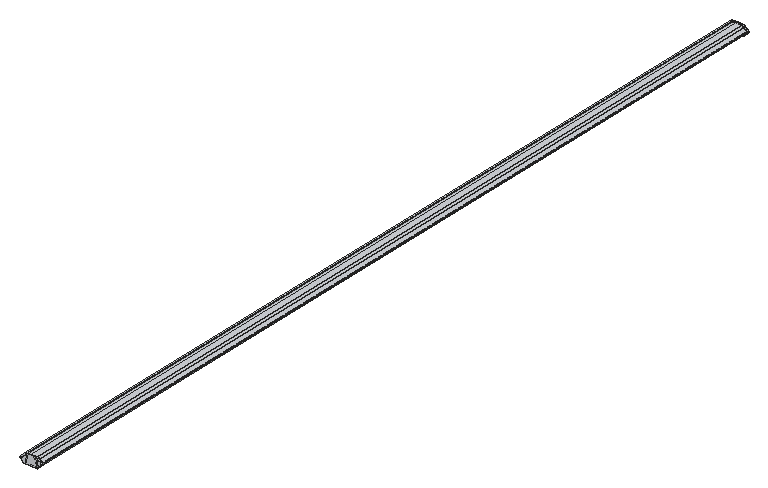
Revit family "K45M-XX", category Lighting Fixtures, Revit 2016
Family settings
  Part Type = Normal
  Round Connector Dimension = Use Diameter
  OmniClass Number = 23.80.70.00
  OmniClass Title = Lighting
  Work Plane-Based = No
  Always vertical = Yes
  Cut with Voids When Loaded = No
  Light Source = Yes
  Shared = No
  Room Calculation Point = No
Parameters
  Wattage = 16.1571 W
  built-in parameter 1150110 = 1 (stored number, unit not read)
  built-in parameter 1114217 = 1 (stored number, unit not read)
  built-in parameter 1150109 = 1 (stored number, unit not read)
  built-in parameter 1150134 = (empty or 0)
  built-in parameter 1150113 = 1 (stored number, unit not read)
  Lumens = 2400 lm
  built-in parameter 1150115 = 1 (stored number, unit not read)
  built-in parameter 1150105 = 190.99 (stored number, unit not read)
  Light Source Symbol Size = 2' - 0"
  built-in parameter 1150137 = (empty or 0)
  built-in parameter 1150139 = (empty or 0)
  built-in parameter 1150112 = 1 (stored number, unit not read)
  built-in parameter 1150114 = 1 (stored number, unit not read)
  built-in parameter 1150132 = 2
  built-in parameter 1150102 = (empty or 0)
  built-in parameter 1150138 = (empty or 0)
  built-in parameter 1150107 = 3000 (stored number, unit not read)
  built-in parameter 1150106 = 1.9099 (stored number, unit not read)
  Emit from Line Length = 2' - 0"
  built-in parameter 1150104 = 13.8 (stored number, unit not read)
  Dimming Lamp Color Temperature Shift = (empty or 0)
  Color Filter = 16777215
  built-in parameter 1114218 = 1 (stored number, unit not read)
  built-in parameter 1150133 = 10 (stored number, unit not read)
Reference planes (in)
  plane 1 "Light Source Axis (F/B)": y = -8.60801
  plane 2: z = 0
  plane 3 "Light Source Axis (L/R)": x = 0
  plane 4 "Light Source Elevation": z = 54
  plane 5: z = 0
Forms (in)
  Extrusion 1, solid
    sketch origin (0, -8.60801, 0) x (1, 0, 0) y (0, 0, 1)
      loop
        line (-0.84877, -0.09667) -> (-1.08688, 0.14144)
        arc (-1.08688, 0.14144) -> (-1.42098, 0.16526) -> (-1.75508, 0.14144) r 2.35505
        line (-1.75508, 0.14144) -> (-1.99318, -0.09667) -> (-1.99318, -0.1536) -> (-1.78532, -0.36147) -> (-1.05664, -0.36147) -> (-0.84877, -0.1536) -> (-0.84877, -0.09667)
    from 0 to 0.07908
  Extrusion 2, solid
    sketch origin (0, -8.60801, 0) x (1, 0, 0) y (0, 0, 1)
      loop
        line (-0.84877, -0.09667) -> (-1.08688, 0.14144) -> (-1.12716, 0.14144) -> (-1.12716, 0.08767) -> (-1.18676, 0.08767) -> (-1.16872, -0.22752) -> (-1.14373, -0.29261) -> (-1.70018, -0.29261) -> (-1.67519, -0.22752) -> (-1.65715, 0.08767) -> (-1.71675, 0.08767) -> (-1.71675, 0.14144) -> (-1.75703, 0.14144) -> (-1.99514, -0.09667) -> (-1.96666, -0.12515) -> (-1.99512, -0.15361) -> (-1.96666, -0.18208) -> (-1.88199, -0.1271) -> (-1.91114, -0.09795) -> (-1.86673, -0.05354) -> (-1.81159, -0.02783)
        arc (-1.81159, -0.02783) -> (-1.76462, 0.01007) -> (-1.77929, -0.04848) r 0.03183
        line (-1.77929, -0.04848) -> (-1.75014, -0.11098) -> (-1.75014, -0.17617) -> (-1.80843, -0.23446) -> (-1.70295, -0.36147) -> (-1.14096, -0.36147) -> (-1.03548, -0.23446) -> (-1.09377, -0.17617) -> (-1.09377, -0.11098) -> (-1.06462, -0.04848)
        arc (-1.06462, -0.04848) -> (-1.07929, 0.01007) -> (-1.03231, -0.02783) r 0.03183
        line (-1.03231, -0.02783) -> (-0.97718, -0.05354) -> (-0.93277, -0.09795) -> (-0.96191, -0.1271) -> (-0.87725, -0.18208) -> (-0.84879, -0.15361) -> (-0.87725, -0.12515) -> (-0.84877, -0.09667)
    from 0 to 48
  Extrusion 3, solid
    sketch origin (0, -56.52894, 0.00291) x (1, 0, 0) y (0, 0, 1)
      loop
        line (-0.84877, -0.09667) -> (-1.08688, 0.14144)
        arc (-1.08688, 0.14144) -> (-1.42098, 0.16526) -> (-1.75508, 0.14144) r 2.35505
        line (-1.75508, 0.14144) -> (-1.99318, -0.09667) -> (-1.99318, -0.1536) -> (-1.78532, -0.36147) -> (-1.05664, -0.36147) -> (-0.84877, -0.1536) -> (-0.84877, -0.09667)
    from 0 to 0.07908
  Extrusion 4, solid
    sketch origin (0, -8.60801, 0) x (1, 0, 0) y (0, 0, 1)
      loop
        line (-1.13434, 0.0963) -> (-1.13434, 0.14139) -> (-1.42098, 0.16526) -> (-1.70761, 0.14139) -> (-1.70761, 0.0963) -> (-1.61569, 0.10922) -> (-1.55777, 0.11736) -> (-1.51833, 0.1229) -> (-1.32362, 0.1229) -> (-1.28418, 0.11736) -> (-1.22626, 0.10922) -> (-1.13434, 0.0963)
    from 0 to 48
Dimensions and locks (in)
  aligned and locked: plane 3 "Light Source Axis (L/R)" to imposter light
  aligned and locked: plane 1 "Light Source Axis (F/B)" to imposter light
  aligned and locked: plane 4 "Light Source Elevation" to imposter light
  aligned and locked: level to plane 5
